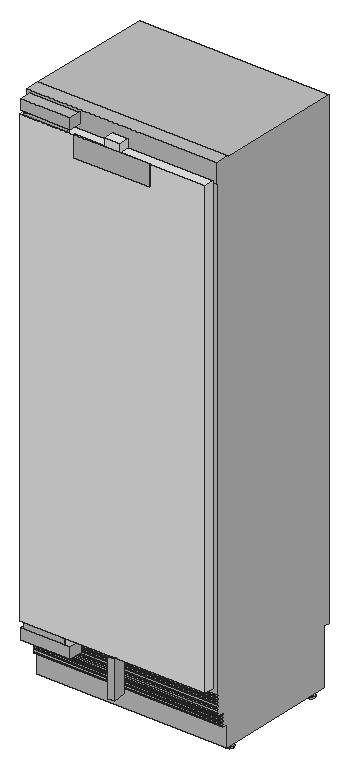
Revit family "FP_Revit_18_RS3084FLJ1_Freezer_90001071A", category Specialty Equipment, Revit 2018
Family settings
  Round Connector Dimension = Use Diameter
  Part Type = Normal
  OmniClass Number = 23.40.40.11.11
  OmniClass Title = Refrigerators and Freezers
  Work Plane-Based = No
  Always vertical = Yes
  Cut with Voids When Loaded = Yes
  Shared = No
  Room Calculation Point = No
Parameters (values of type "RS3084FLJ1")
  Visibility - Water Connection = yes
  Visibility - Visibility Control Note = yes
  Visibility - Clearance Required = yes
  URL = "www.fisherpaykel.com"
  Stainless Steel Door Panels (RD3484L4D) = no
  Product - Width = 756 mm  # constant formula
  Product - Height = 2134 mm  # constant formula
  Product - Depth (exl front panel) = 610 mm  # constant formula
  Model = "RS3084FLJ1"
  Material - Handle = Fisher & Paykel - Aluminium
  Material - Door Structure = Fisher & Paykel - White
  Material - Door Front = Fisher & Paykel - Stainless Steel
  Material - Body = Fisher & Paykel - Grey
  Manufacturer = "Fisher & Paykel Appliances"
  Handle Style - Professional Square (AHV2-RD84) = no
  Handle Style - Professional Round (AHC-RD84) = no
  Handle Style - Contemporary Square (AHD3-RD84) = no
  Handle Style - Contemporary Round (AHS-RD84) = no
  Description = "30\" Integrated Column Freezer with internal ice maker, white steel interior"
  Connector Description - Water = "1/4\" (6mm) comp. stainless steel braided hose"
  Connector Description - Electrical = "120 V, 10 amp fused electrical supply"
  Cavity - Width = 762 mm  # constant formula
  Cavity - Height = 2134 mm  # constant formula
  Cavity - Depth = 635 mm  # constant formula
Types (3, lengths in mm): name | Model | Description
  (no name) | "RS3084FLJ1" | "30\" Integrated Column Freezer with internal ice maker, white steel interior"
  RS3084FLJ1 | "RS3084FLJ1" | "30\" Integrated Column Freezer with internal ice maker, white steel interior"
  RS3084FLJK1 | "RS3084FLJK1" | "30\" Integrated Column Freezer with internal ice maker, stainless steel interior"
Reference planes
  plane 1 "Datum": y = 0
  plane 2: z = 0
  plane 3 "Center (Left/Right)": x = 0
  plane 4 "Product LHS": x = -378
  plane 5 "Product RHS": x = 378
  plane 6 "Product - Depth": y = 610
  plane 7 "Cavity LHS": x = -381
  plane 8 "Cavity RHS": x = 381
  plane 9 "Cavity - Depth": y = 612.9
  plane 10 "Handle Offset": x = 315
  plane 11 "Product Height": z = 2134
  plane 12 "Cavity Height": z = 2134
  plane 13 "Door Panel Datum": y = -4.1
Forms (mm)
  Extrusion 1, solid, material "Fisher & Paykel - Grey" <- "Material - Body", detail levels fine
    sketch origin (0, 0, 0) x (0, 1, 0) y (0, 0, 1)
      loop
        line (100.1, 19.1) -> (587.9, 19.1) -> (587.9, 239.7) -> (610, 239.7) -> (610, 2131.9) -> (105.1, 2131.9) -> (105.1, 2134) -> (49.9, 2134) -> (49.9, 2059) -> (56, 2059) -> (56, 228.6) -> (59.5, 228.6) -> (59.5, 219.7) -> (56.5, 219.7) -> (56.5, 215.9) -> (59.5, 215.9) -> (59.5, 207) -> (56.5, 207) -> (56.5, 203.2) -> (59.5, 203.2) -> (59.5, 194.3) -> (56.5, 194.3) -> (56.5, 190.5) -> (59.5, 190.5) -> (59.5, 181.6) -> (56.5, 181.6) -> (56.5, 177.8) -> (59.5, 177.8) -> (59.5, 168.9) -> (56.5, 168.9) -> (56.5, 165.1) -> (59.5, 165.1) -> (59.5, 156.2) -> (56.5, 156.2) -> (56.5, 152.4) -> (84.1, 152.4) -> (84.1, 143.5) -> (81.1, 143.5) -> (81.1, 139.7) -> (84.1, 139.7) -> (84.1, 130.8) -> (81.1, 130.8) -> (81.1, 127) -> (84.1, 127) -> (84.1, 118.1) -> (81.1, 118.1) -> (81.1, 114.3) -> (84.1, 114.3) -> (84.1, 105.4) -> (81.1, 105.4) -> (81.1, 101.6) -> (100.1, 101.6) -> (100.1, 19.1)
    from -378 to 378
  Extrusion 2, solid, material "Fisher & Paykel - Grey" <- "Material - Body"
    sketch origin (0, 0, 0) x (1, 0, 0) y (0, 1, 0)
      loop
        circle (-357.5, 547.8) r 4.1
      loop
        circle (-357.5, 141.8) r 4.1
      loop
        circle (357.5, 547.8) r 4.1
      loop
        circle (357.5, 141.8) r 4.1
    from 3 to 19.1
  Extrusion 3, solid, material "Fisher & Paykel - Grey" <- "Material - Body"
    sketch origin (0, 0, 0) x (1, 0, 0) y (0, 1, 0)
      loop
        circle (-357.5, 547.8) r 14.5
      loop
        circle (-357.5, 141.8) r 14.555
      loop
        circle (357.5, 547.8) r 14.5
      loop
        circle (357.5, 141.8) r 14.555
    from 0 to 3
  Extrusion 4, solid, material "Fisher & Paykel - Grey" <- "Material - Body", detail levels fine
    sketch origin (0, 0, 0) x (1, 0, 0) y (0, 1, 0)
      loop
        line (-7.5, 49) -> (-13.797, -4.1) -> (13.797, -4.1) -> (7.5, 49) -> (-7.5, 49)
    from 104.2 to 254.2
  Extrusion 5, solid, material "Fisher & Paykel - Grey" <- "Material - Body", detail levels fine
    sketch origin (0, 0, 0) x (0, 1, 0) y (0, 0, 1)
      loop
        line (0, 2070.6) -> (0, 1988.6) -> (2, 1988.6) -> (2, 2068.6) -> (4, 2068.6) -> (4, 2070.6) -> (0, 2070.6)
    from -150 to 150
  Extrusion 6, solid, material "Fisher & Paykel - Grey" <- "Material - Body"
    sketch origin (0, 0, 0) x (1, 0, 0) y (0, 0, 1)
      loop
        circle (303, 119.813) r 5
      loop
        circle (-303, 119.813) r 5
    from -590 to -587.9
  Extrusion 7, solid, material "Fisher & Paykel - White" <- "Material - Door Structure"
    sketch origin (0, 0, 0) x (1, 0, 0) y (0, 1, 0)
      loop
        line (-353, 56) -> (-353, 42) -> (353, 42) -> (353, 56) -> (-353, 56)
    from 269.6 to 2030.7
  Extrusion 8, solid, material "Fisher & Paykel - White" <- "Material - Door Structure"
    sketch origin (0, 0, 0) x (1, 0, 0) y (0, 1, 0)
      loop
        line (-369.4, 42) -> (-369.4, 3) -> (369.4, 3) -> (369.4, 42) -> (-369.4, 42)
    from 254.2 to 2068.6
  Extrusion 9, solid, material "Fisher & Paykel - White" <- "Material - Door Structure", detail levels fine
    sketch origin (0, 0, 0) x (1, 0, 0) y (0, 0, 1)
      loop
        line (-29.5, 2100.1) -> (-29.5, 2068.6) -> (29.5, 2068.6) -> (29.5, 2100.1) -> (-29.5, 2100.1)
    from -42 to -3
  Extrusion 10, solid, material "Fisher & Paykel - Stainless Steel" <- "Material - Door Front", visible <- "Stainless Steel Door Panels (RD3484L4D)"
    sketch origin (0, 0, 0) x (0, 1, 0) y (0, 0, 1)
      loop
        line (-22.1, 2130.8) -> (-22.1, 102) -> (-4.1, 102) -> (-4.1, 2130.8) -> (-22.1, 2130.8)
    from -378 to 378
  Extrusion 11, solid, material "Fisher & Paykel - Grey" <- "Material - Body", detail levels coarse+medium
    sketch origin (0, 0, 0) x (0, 1, 0) y (0, 0, 1)
      loop
        line (49.9, 2134) -> (49.9, 2059) -> (56, 2059) -> (56, 152.4) -> (81.1, 152.4) -> (81.1, 101.6) -> (100.1, 101.6) -> (100.1, 19.1) -> (587.9, 19.1) -> (587.9, 239.7) -> (610, 239.7) -> (610, 2134) -> (49.9, 2134)
    from -378 to 378
  Extrusion 12, solid, material "Fisher & Paykel - Grey" <- "Material - Body", detail levels fine
    sketch origin (0, 0, 0) x (-1, 0, 0) y (0, 0, -1)
      loop
        line (366.4, -187.65) -> (168.42, -187.65) -> (168.42, -229.75) -> (366.4, -229.75) -> (366.4, -187.65)
    from -56 to -2.5
  Extrusion 13, solid, material "Fisher & Paykel - Grey" <- "Material - Body", detail levels fine
    sketch origin (0, 0, 0) x (-1, 0, 0) y (0, 0, -1)
      loop
        line (366.4, -2123.15) -> (366.4, -2081.05) -> (168.42, -2081.05) -> (168.42, -2123.15) -> (366.4, -2123.15)
    from -49 to -2.5
  Extrusion 14, solid, material "Fisher & Paykel - Grey" <- "Material - Body", detail levels fine
    sketch origin (0, 0, -4) x (0, 1, 0) y (0, 0, 1)
      loop
        arc (163.888, 23.1) -> (180.4, 13.63) -> (196.912, 23.1) r 19.13
        line (196.912, 23.1) -> (163.888, 23.1)
      loop
        arc (493.888, 23.1) -> (510.4, 13.63) -> (526.912, 23.1) r 19.13
        line (526.912, 23.1) -> (493.888, 23.1)
    from 191 to 219
  Extrusion 15, solid, material "Fisher & Paykel - Grey" <- "Material - Body", detail levels fine
    sketch origin (0, 0, -4) x (0, 1, 0) y (0, 0, -1)
      loop
        line (163.888, -23.1) -> (196.912, -23.1)
        arc (196.912, -23.1) -> (180.4, -13.63) -> (163.888, -23.1) r 19.13
      loop
        line (493.888, -23.1) -> (526.912, -23.1)
        arc (526.912, -23.1) -> (510.4, -13.63) -> (493.888, -23.1) r 19.13
    from 191 to 219
  Extrusion 16, solid, material "Fisher & Paykel - Clearance Required", visible <- "Visibility - Clearance Required", detail levels coarse
    sketch origin (0, 0, 0) x (1, 0, 0) y (0, 1, 0)
      loop
        line (-381, 612.9) -> (-381, -4.1) -> (381, -4.1) -> (381, 612.9) -> (-381, 612.9)
    from 0 to 2134
  Extrusion 17, void
    sketch origin (0, 0, 0) x (1, 0, 0) y (0, 1, 0)
      loop
        line (-381, 612.9) -> (-381, -22.1) -> (381, -22.1) -> (381, 612.9) -> (-381, 612.9)
    from 0 to 2134
  Extrusion 18, solid, material "Fisher & Paykel - Grey" <- "Material - Body", detail levels fine
    sketch origin (-73, 0, 0) x (-1, 0, 0) y (0, 0, -1)
      loop
        line (118.4, -254.2) -> (282.9, -254.2) -> (282.9, -229.75) -> (118.4, -229.75) -> (118.4, -254.2)
      loop
        line (106, -2081.05) -> (242.9, -2081.05) -> (282.9, -2076.05) -> (282.9, -2068.6) -> (106, -2068.6) -> (106, -2081.05)
    from -7 to -4
  Extrusion 19, solid, material "Fisher & Paykel - Clearance Required", visible <- "Visibility - Clearance Required", detail levels coarse
    sketch origin (0, 0, 0) x (-1, 0, 0) y (0, -1, 0)
      loop
        line (301.5, 22.1) -> (378, 22.1)
        arc (378, 22.1) -> (380.992, 57.074) -> (415.915, 60.616) r 27.5
        line (415.915, 60.616) -> (697.006, 665.395) -> (723.252, 653.196)
        arc (723.252, 653.196) -> (747.815, 662.136) -> (738.875, 686.699) r 18.483
        line (738.875, 686.699) -> (712.602, 698.95) -> (734.604, 746.289)
        arc (734.604, 746.289) -> (-22.015, 691.951) -> (-378, 22.1) r 783.517
        line (-378, 22.1) -> (301.5, 22.1)
    from 0 to 2134
Lines and regions (mm)
  model lines, style "Fisher & Paykel"
    curve 1: line (-378, -4.1, 2130.8) -> (378, -4.1, 2130.8)
    curve 2: line (-378, -4.1, 102) -> (-378, -4.1, 2130.8)
    curve 3: line (378, -4.1, 102) -> (-378, -4.1, 102)
    curve 4: line (378, -4.1, 2130.8) -> (378, -4.1, 102)
Text (mm)
  text "Due to ongoing product development, product details are subject to change without notice. \nPlease always refer to www.fisherpaykel.com for the most current product information. \n© Fisher & Paykel 2020" at (41.04, -848.295, 0), in view "Ref. Level (Plan)"
Dimensions and locks
  equal spacing: plane 4 "Product LHS", plane 3 "Center (Left/Right)", plane 5 "Product RHS"
  "Product - Width": plane 4 "Product LHS" to plane 5 "Product RHS"
  "Product - Depth (exl front panel)": plane 1 "Datum" to plane 6 "Product - Depth"
  equal spacing: plane 7 "Cavity LHS", plane 3 "Center (Left/Right)", plane 8 "Cavity RHS"
  "Cavity - Width": plane 7 "Cavity LHS" to plane 8 "Cavity RHS"
  plane 4 "Product LHS" to Extrusion 2 sketch curve = 24.6 mm
  plane 4 "Product LHS" to plane 10 "Handle Offset" = 693 mm
  Extrusion 6 sketch curve to Extrusion 1 = 119.887 mm  (x2)
  Extrusion 6 sketch curve to plane 5 "Product RHS" = 75 mm
  plane 4 "Product LHS" to Extrusion 6 sketch curve = 75 mm
  Extrusion 1 sketch curve to Extrusion 1 sketch curve = 82.5 mm
  Extrusion 1 sketch curve to Extrusion 1 sketch curve = 209.5 mm
  Extrusion 1 sketch curve to Extrusion 1 sketch curve = 220.6 mm
  Extrusion 3 to level = 3 mm
  Extrusion 11 to Extrusion 8 = 235.1 mm
  Extrusion 11 to Extrusion 7 = 250.5 mm
  Extrusion 11 to Extrusion 11 = 2114.9 mm
  Extrusion 11 to Extrusion 10 = 82.9 mm
  "Product - Height": level to plane 11 "Product Height"
  plane 11 "Product Height" to Extrusion 10 = 3.2 mm
  Extrusion 8 to plane 11 "Product Height" = 65.4 mm
  Extrusion 7 to plane 11 "Product Height" = 103.3 mm
  Extrusion 11 sketch curve to plane 11 "Product Height" = 75 mm
  Extrusion 1 sketch curve to plane 11 "Product Height" = 2.1 mm
  Extrusion 1 sketch curve to plane 11 "Product Height" = 75 mm
  "Cavity - Height": plane 12 "Cavity Height" to level
  plane 1 "Datum" to Extrusion 16 = 612.9 mm
  plane 1 "Datum" to Extrusion 17 = 612.9 mm
  Extrusion 18 sketch curve to Extrusion 18 sketch curve = 40 mm
  Extrusion 18 sketch curve to Extrusion 18 sketch curve = 176.9 mm
  plane 3 "Center (Left/Right)" to Extrusion 18 sketch curve = 179 mm
  plane 3 "Center (Left/Right)" to Extrusion 18 sketch curve = 191.4 mm
  plane 3 "Center (Left/Right)" to Extrusion 18 sketch curve = 355.9 mm
  plane 3 "Center (Left/Right)" to Extrusion 13 sketch curve = 168.42 mm
  plane 3 "Center (Left/Right)" to Extrusion 12 sketch curve = 168.42 mm
  plane 1 "Datum" to Extrusion 19 = 22.1 mm
  "Cavity - Depth": plane 9 "Cavity - Depth" to Extrusion 19
  plane 10 "Handle Offset" to plane 5 "Product RHS" = 63 mm
  radius of Extrusion 6 sketch curve = 5 mm
  aligned and locked: level to plane 2
  aligned and locked: Extrusion 10 to plane 5 "Product RHS"
  aligned and locked: plane 4 "Product LHS" to Extrusion 10
  aligned and locked: Extrusion 11 to plane 5 "Product RHS"
  aligned and locked: Extrusion 11 to plane 4 "Product LHS"
  aligned and locked: Extrusion 11 sketch curve to plane 11 "Product Height"
  aligned and locked: plane 11 "Product Height" to Extrusion 1 sketch curve
  aligned and locked: Extrusion 14 sketch curve to Extrusion 14 sketch curve
  aligned and locked: Extrusion 15 sketch curve to Extrusion 15 sketch curve
  aligned and locked: Extrusion 1 to plane 5 "Product RHS"
  aligned and locked: plane 4 "Product LHS" to Extrusion 1
  aligned and locked: Extrusion 11 sketch curve to Extrusion 1  (x4)
  aligned and locked: Extrusion 2 to Extrusion 1
  aligned and locked: nested 2 to plane 10 "Handle Offset"
  aligned and locked: nested 3 to plane 10 "Handle Offset"
  aligned and locked: nested 4 to plane 10 "Handle Offset"
  aligned and locked: nested 5 to plane 10 "Handle Offset"
Automatic sketch dimensions
  Extrusion 1 sketch curve to plane 6 "Product - Depth" = 0 mm
  Extrusion 1 sketch curve to Extrusion 1 sketch curve = 22.1 mm
  Extrusion 1 sketch curve to plane 1 "Datum" = 105.1 mm
  level to Extrusion 1 sketch curve = 19.1 mm
  Extrusion 1 sketch curve to plane 1 "Datum" = 100.1 mm
  Extrusion 1 sketch curve to Extrusion 1 sketch curve = 16 mm
  Extrusion 1 sketch curve to Extrusion 1 sketch curve = 0 mm  (x8)
  Extrusion 1 sketch curve to Extrusion 1 sketch curve = 3 mm  (x10)
  Extrusion 1 sketch curve to plane 1 "Datum" = 59.5 mm
  Extrusion 1 sketch curve to plane 1 "Datum" = 56 mm
  Extrusion 1 sketch curve to plane 1 "Datum" = 49.9 mm
  Extrusion 1 sketch curve to Extrusion 1 sketch curve = 3.8 mm  (x10)
  Extrusion 1 sketch curve to Extrusion 1 sketch curve = 8.9 mm  (x9)
  Extrusion 2 sketch curve to plane 4 "Product LHS" = 20.5 mm  (x2)
  plane 5 "Product RHS" to Extrusion 2 sketch curve = 20.5 mm  (x2)
  Extrusion 2 sketch curve to plane 1 "Datum" = 141.8 mm  (x2)
  Extrusion 2 sketch curve to plane 6 "Product - Depth" = 62.2 mm  (x2)
  Extrusion 3 sketch curve to plane 4 "Product LHS" = 20.5 mm  (x2)
  plane 5 "Product RHS" to Extrusion 3 sketch curve = 20.5 mm  (x2)
  Extrusion 3 sketch curve to plane 1 "Datum" = 141.8 mm  (x2)
  Extrusion 3 sketch curve to plane 6 "Product - Depth" = 62.2 mm  (x2)
  plane 1 "Datum" to Extrusion 4 sketch curve = 4.1 mm
  Extrusion 4 sketch curve to plane 3 "Center (Left/Right)" = 13.797 mm
  Extrusion 4 sketch curve to plane 3 "Center (Left/Right)" = 7.5 mm
  plane 3 "Center (Left/Right)" to Extrusion 4 sketch curve = 7.5 mm
  plane 3 "Center (Left/Right)" to Extrusion 4 sketch curve = 13.797 mm
  Extrusion 4 sketch curve to plane 1 "Datum" = 49 mm
  Extrusion 5 sketch curve to plane 1 "Datum" = 0 mm
  Extrusion 5 sketch curve to plane 1 "Datum" = 2 mm
  Extrusion 5 sketch curve to Extrusion 5 sketch curve = 2 mm  (x2)
  plane 11 "Product Height" to Extrusion 5 sketch curve = 145.4 mm
  plane 11 "Product Height" to Extrusion 5 sketch curve = 65.4 mm
  Extrusion 7 sketch curve to plane 4 "Product LHS" = 25 mm
  plane 5 "Product RHS" to Extrusion 7 sketch curve = 25 mm
  Extrusion 7 sketch curve to plane 1 "Datum" = 42 mm
  Extrusion 7 sketch curve to Extrusion 7 sketch curve = 14 mm
  Extrusion 8 sketch curve to plane 1 "Datum" = 3 mm
  Extrusion 8 sketch curve to plane 4 "Product LHS" = 8.6 mm
  plane 5 "Product RHS" to Extrusion 8 sketch curve = 8.6 mm
  Extrusion 8 sketch curve to Extrusion 8 sketch curve = 39 mm
  Extrusion 9 sketch curve to plane 3 "Center (Left/Right)" = 29.5 mm
  plane 3 "Center (Left/Right)" to Extrusion 9 sketch curve = 29.5 mm
  plane 11 "Product Height" to Extrusion 9 sketch curve = 65.4 mm
  Extrusion 9 sketch curve to Extrusion 9 sketch curve = 31.5 mm
  plane 1 "Datum" to Extrusion 10 sketch curve = 22.1 mm
  plane 1 "Datum" to Extrusion 10 sketch curve = 4.1 mm
  level to Extrusion 10 sketch curve = 102 mm
  plane 11 "Product Height" to Extrusion 10 sketch curve = 3.2 mm
  Extrusion 11 sketch curve to plane 6 "Product - Depth" = 0 mm
  Extrusion 11 sketch curve to plane 6 "Product - Depth" = 22.1 mm
  Extrusion 11 sketch curve to plane 1 "Datum" = 100.1 mm
  Extrusion 11 sketch curve to Extrusion 11 sketch curve = 19 mm
  Extrusion 11 sketch curve to plane 1 "Datum" = 56 mm
  Extrusion 11 sketch curve to plane 1 "Datum" = 49.9 mm
  Extrusion 11 sketch curve to Extrusion 11 sketch curve = 50.8 mm
  plane 4 "Product LHS" to Extrusion 12 sketch curve = 11.6 mm
  Extrusion 12 sketch curve to level = 187.65 mm
  Extrusion 12 sketch curve to Extrusion 12 sketch curve = 42.1 mm
  plane 4 "Product LHS" to Extrusion 13 sketch curve = 11.6 mm
  Extrusion 13 sketch curve to plane 11 "Product Height" = 52.95 mm
  Extrusion 13 sketch curve to plane 11 "Product Height" = 10.85 mm
  level to Extrusion 14 sketch curve = 19.1 mm
  Extrusion 14 sketch curve to plane 1 "Datum" = 163.888 mm
  Extrusion 14 sketch curve to Extrusion 14 sketch curve = 16.512 mm  (x2)
  Extrusion 14 sketch curve to plane 6 "Product - Depth" = 116.112 mm
  Extrusion 14 sketch curve to Extrusion 14 sketch curve = 9.66 mm  (x2)
  level to Extrusion 15 sketch curve = 19.1 mm
  Extrusion 15 sketch curve to plane 1 "Datum" = 163.888 mm
  Extrusion 15 sketch curve to Extrusion 15 sketch curve = 16.512 mm  (x2)
  Extrusion 15 sketch curve to plane 6 "Product - Depth" = 116.112 mm
  Extrusion 15 sketch curve to Extrusion 15 sketch curve = 9.66 mm  (x2)
  Extrusion 16 sketch curve to plane 7 "Cavity LHS" = 0 mm
  Extrusion 16 sketch curve to plane 8 "Cavity RHS" = 0 mm
  Extrusion 16 sketch curve to plane 9 "Cavity - Depth" = 0 mm
  plane 1 "Datum" to Extrusion 16 sketch curve = 4.1 mm
  Extrusion 17 sketch curve to plane 7 "Cavity LHS" = 0 mm
  Extrusion 17 sketch curve to plane 8 "Cavity RHS" = 0 mm
  plane 9 "Cavity - Depth" to Extrusion 17 sketch curve = 0 mm
  plane 1 "Datum" to Extrusion 17 sketch curve = 22.1 mm
  Extrusion 18 sketch curve to level = 229.75 mm
  Extrusion 18 sketch curve to Extrusion 18 sketch curve = 24.45 mm
  Extrusion 18 sketch curve to plane 11 "Product Height" = 65.4 mm
  Extrusion 18 sketch curve to Extrusion 18 sketch curve = 7.45 mm
  Extrusion 18 sketch curve to Extrusion 18 sketch curve = 5 mm
  Extrusion 19 sketch curve to plane 5 "Product RHS" = 0 mm
  Extrusion 19 sketch curve to plane 1 "Datum" = 22.1 mm
  plane 4 "Product LHS" to Extrusion 19 sketch curve = 76.5 mm
  plane 4 "Product LHS" to Extrusion 19 sketch curve = 0 mm
  Extrusion 19 sketch curve to plane 7 "Cavity LHS" = 19.59 mm
  Extrusion 19 sketch curve to Extrusion 19 sketch curve = 4.816 mm
  Extrusion 19 sketch curve to Extrusion 19 sketch curve = 10.509 mm
  Extrusion 19 sketch curve to plane 7 "Cavity LHS" = 316.006 mm
  Extrusion 19 sketch curve to Extrusion 19 sketch curve = 15.596 mm
  Extrusion 19 sketch curve to Extrusion 19 sketch curve = 26.246 mm
  Extrusion 19 sketch curve to Extrusion 19 sketch curve = 7.811 mm  (x2)
  Extrusion 19 sketch curve to Extrusion 19 sketch curve = 22.003 mm
  Extrusion 19 sketch curve to Extrusion 19 sketch curve = 13.185 mm
  Extrusion 19 sketch curve to Extrusion 19 sketch curve = 2.497 mm
  Extrusion 19 sketch curve to Extrusion 19 sketch curve = 93.093 mm
  Extrusion 19 sketch curve to Extrusion 19 sketch curve = 16.751 mm
  Extrusion 19 sketch curve to Extrusion 19 sketch curve = 12.251 mm
  plane 5 "Product RHS" to curve 1 = 0 mm
  plane 4 "Product LHS" to curve 3 = 0 mm
  level to curve 3 = 102 mm
  plane 11 "Product Height" to curve 2 = 3.2 mm
  radius of Extrusion 2 sketch curve = 4.1 mm  (x3)
  radius of Extrusion 3 sketch curve = 14.5 mm  (x2)
  radius of Extrusion 3 sketch curve = 14.555 mm  (x2)
  radius of Extrusion 6 sketch curve = 5 mm
Nested families
  nested 1: "Visibility Control Note 18" at (0, 0, 0), visible <- "Visibility - Visibility Control Note", type "Visibility Control Note 18"
  nested 2: "Handle Contemporary Round - Vertical" at (315, -22.1, 1242.58), visible <- "Handle Style - Contemporary Round (AHS-RD84)", type "AHS-RD84 - Contemporary round handle (Vertical) 852mm"
  nested 3: "Handle Contemporary Square - Vertical" at (315, -22.1, 1242.58), visible <- "Handle Style - Contemporary Square (AHD3-RD84)", type "AHD3-RD84 - Contemporary square handle (Vertical) 852mm"
  nested 4: "Handle Professional Round - Vertical" at (315, -22.1, 1242.58), visible <- "Handle Style - Professional Round (AHC-RD84)", type "AHC-RD84 - Professional round handle (Vertical) 786mm"
  nested 5: "Handle Professional Square - Vertical" at (315, -22.1, 1242.58), visible <- "Handle Style - Professional Square (AHV2-RD84)", type "AHV2-RD84 - Professional square handle (Vertical) 792mm"
Connectors
  electrical at (-303, 590, 119.813), driven by "Connector Description - Electrical"
    settings: on Extrusion 6, index 1, voltage 120 V, apparent load 0 VA, apparent load phase1 0 VA, apparent load phase2 0 VA, apparent load phase3 0 VA, power factor 1, load classification "Other", number of poles 1, system type 30, power factor state 1, is connector primary yes, connector utility no, sub classification motor no, connector description "120 V, 10 amp fused electrical supply"
  piping at (303, 590, 119.813), diameter 12.7, driven by "Visibility - Water Connection", driven by "Connector Description - Water"
    settings: on Extrusion 6, index 2, connector inside diameter 609.6 mm, connector length 0 mm, flow factor 0, pipe flow 0.0 L/s, pressure drop 0.0 Pa, fitting loss kfactor 0, connector angle 0.00°, fixture units 0, engagement length 0 mm, angle of deflection 0.00°, flow configuration 0, flow direction 1, fitting loss method 0, system type 20, joint type 0, gender type 0, connector reference index -1, connector utility 1, adjustable connector no, is connector primary yes, connector description "1/4\" (6mm) comp. stainless steel braided hose"
Definition of nested family "Handle Contemporary Round - Vertical"
  Parameters (values of type "AHSRS80A - Contemporary round handle (1 of 2) (Vertical) 727mm")
    URL = "www.fisherpaykel.com"
    Material - Handle = none
    Manufacturer = "Fisher & Paykel Appliances"
    Handle - Length = 727 mm
  Types (6, lengths in mm): name | Handle - Length
    AHS-RD21 - Contemporary round handle (Vertical) 852mm | 852
    AHSRD2484W - Contemporary round handle (1 of 2) (Vertical) 727mm | 727
    AHSRD3084W - Contemporary round handle (1 of 2) (Vertical) 727mm | 727
    AHS-RD84 - Contemporary round handle (Vertical) 852mm | 852
    AHSRS3272A - Contemporary round handle (1 of 2) (Vertical) 727mm | 727
    AHSRS80A - Contemporary round handle (1 of 2) (Vertical) 727mm | 727
  Reference planes
    plane 1 "Center (Front/Back)": y = 0
    plane 2: z = 0
    plane 3 "Center (Left/Right)": x = 0
    plane 4 "Top": z = 363.5
    plane 5 "Bottom": z = -363.5
    plane 6 "Top Standoff": z = 243.5
    plane 7 "Bottom Standoff": z = -243.5
  Forms (mm)
    Extrusion 1, solid, material <- "Material - Handle"
      sketch origin (0, 0, 0) x (1, 0, 0) y (0, 1, 0)
        loop
          circle (0, -32.3) r 8.7
      from -243.5 to 243.5
    Extrusion 2, solid, material <- "Material - Handle", detail levels fine
      sketch origin (0, 0, 0) x (1, 0, 0) y (0, 1, 0)
        loop
          line (-8.7, 0) -> (-8.7, -32.3)
          arc (-8.7, -32.3) -> (0, -41) -> (8.7, -32.3) r 8.7
          line (8.7, -32.3) -> (8.7, 0) -> (-8.7, 0)
      from 243.5 to 363.5
    Extrusion 3, solid, material <- "Material - Handle", detail levels fine
      sketch origin (0, 0, 0) x (1, 0, 0) y (0, 1, 0)
        loop
          line (-8.7, 0) -> (-8.7, -32.3)
          arc (-8.7, -32.3) -> (0, -41) -> (8.7, -32.3) r 8.7
          line (8.7, -32.3) -> (8.7, 0) -> (-8.7, 0)
      from -363.5 to -243.5
    Sweep 4, void
      path in 3D
        loop
          line (8.7, 0, -363.5) -> (8.7, -32.3, -363.5)
          arc (8.7, -32.3, -363.5) -> (0, -41, -363.5) -> (-8.7, -32.3, -363.5) r 8.7
          line (-8.7, -32.3, -363.5) -> (-8.7, 0, -363.5)
      profile origin (8.7, -16.15, -363.5) x (-1, 0, 0) y (0, 0, -1)
        loop
          line (0, 0) -> (0, -1) -> (1, 0) -> (0, 0)
    Sweep 5, void
      path in 3D
        loop
          line (-8.7, 0, 363.5) -> (-8.7, -32.3, 363.5)
          arc (-8.7, -32.3, 363.5) -> (0, -41, 363.5) -> (8.7, -32.3, 363.5) r 8.7
          line (8.7, -32.3, 363.5) -> (8.7, 0, 363.5)
      profile origin (8.7, -16.15, 363.5) x (-1, 0, 0) y (0, 0, 1)
        loop
          line (0, 0) -> (0, -1) -> (1, 0) -> (0, 0)
    Extrusion 6, solid, material <- "Material - Handle", detail levels coarse+medium
      sketch origin (0, 0, 0) x (1, 0, 0) y (0, 1, 0)
        loop
          line (-8.7, 0) -> (-8.7, -32.3)
          arc (-8.7, -32.3) -> (0, -41) -> (8.7, -32.3) r 8.7
          line (8.7, -32.3) -> (8.7, 0) -> (-8.7, 0)
      from 243.5 to 363.5
    Extrusion 7, solid, material <- "Material - Handle", detail levels coarse+medium
      sketch origin (0, 0, 0) x (1, 0, 0) y (0, 1, 0)
        loop
          line (-8.7, 0) -> (-8.7, -32.3)
          arc (-8.7, -32.3) -> (0, -41) -> (8.7, -32.3) r 8.7
          line (8.7, -32.3) -> (8.7, 0) -> (-8.7, 0)
      from -363.5 to -243.5
  Cuts and joins
    Sweep 4 cuts Extrusion 3
    Sweep 5 cuts Extrusion 2
  Lines and regions (mm)
    sketch lines
      curve 1: line (8.7, 0, -363.5) -> (8.7, -32.3, -363.5)
      curve 2: arc (-8.7, -32.3, -363.5) -> (0, -41, -363.5) -> (8.7, -32.3, -363.5) r 8.7
      curve 3: line (-8.7, -32.3, -363.5) -> (-8.7, 0, -363.5)
      curve 4: line (8.7, -32.3, 363.5) -> (8.7, 0, 363.5)
      curve 5: arc (8.7, -32.3, 363.5) -> (0, -41, 363.5) -> (-8.7, -32.3, 363.5) r 8.7
      curve 6: line (-8.7, 0, 363.5) -> (-8.7, -32.3, 363.5)
  Dimensions and locks
    equal spacing: plane 4 "Top", level, plane 5 "Bottom"
    "Handle - Length": plane 4 "Top" to plane 5 "Bottom"
    locked: plane 4 "Top" to plane 6 "Top Standoff" at 120
    locked: plane 7 "Bottom Standoff" to plane 5 "Bottom" at 120
    Extrusion 2 sketch curve to Extrusion 2 sketch curve = 17.4 mm
    Extrusion 3 sketch curve to Extrusion 3 sketch curve = 17.4 mm
    Extrusion 6 sketch curve to Extrusion 6 sketch curve = 17.4 mm
    Extrusion 7 sketch curve to Extrusion 7 sketch curve = 17.4 mm
    aligned and locked: level to plane 2
    aligned and locked: plane 4 "Top" to Extrusion 2
    aligned and locked: Extrusion 3 to plane 5 "Bottom"
    aligned and locked: plane 7 "Bottom Standoff" to Extrusion 3
    aligned and locked: Extrusion 1 to plane 7 "Bottom Standoff"
    aligned and locked: plane 6 "Top Standoff" to Extrusion 1
    aligned and locked: Extrusion 2 to Extrusion 1
    aligned and locked: Extrusion 6 to Extrusion 1
    aligned and locked: plane 4 "Top" to Extrusion 6
    aligned and locked: Extrusion 7 to Extrusion 1
    aligned and locked: Extrusion 7 to plane 5 "Bottom"
  Automatic sketch dimensions
    Extrusion 1 sketch curve to plane 3 "Center (Left/Right)" = 0 mm
    plane 1 "Center (Front/Back)" to Extrusion 1 sketch curve = 32.3 mm
    plane 1 "Center (Front/Back)" to Extrusion 2 sketch curve = 0 mm
    Extrusion 2 sketch curve to plane 3 "Center (Left/Right)" = 0 mm
    Extrusion 2 sketch curve to plane 3 "Center (Left/Right)" = 8.7 mm
    plane 1 "Center (Front/Back)" to Extrusion 2 sketch curve = 32.3 mm
    plane 1 "Center (Front/Back)" to Extrusion 3 sketch curve = 0 mm
    Extrusion 3 sketch curve to plane 3 "Center (Left/Right)" = 0 mm
    Extrusion 3 sketch curve to plane 3 "Center (Left/Right)" = 8.7 mm
    plane 1 "Center (Front/Back)" to Extrusion 3 sketch curve = 32.3 mm
    Sweep 4 sketch curve to profile plane = 0 mm  (x2)
    Sweep 4 sketch curve to profile plane = 1 mm  (x2)
    Sweep 5 sketch curve to profile plane = 0 mm  (x2)
    Sweep 5 sketch curve to profile plane = 1 mm  (x2)
    Extrusion 6 sketch curve to plane 3 "Center (Left/Right)" = 0 mm
    Extrusion 6 sketch curve to plane 3 "Center (Left/Right)" = 8.7 mm
    plane 1 "Center (Front/Back)" to Extrusion 6 sketch curve = 32.3 mm
    Extrusion 6 sketch curve to Extrusion 6 sketch curve = 32.3 mm
    Extrusion 7 sketch curve to plane 3 "Center (Left/Right)" = 0 mm
    Extrusion 7 sketch curve to plane 3 "Center (Left/Right)" = 8.7 mm
    plane 1 "Center (Front/Back)" to Extrusion 7 sketch curve = 32.3 mm
    Extrusion 7 sketch curve to Extrusion 7 sketch curve = 32.3 mm
    radius of Extrusion 1 sketch curve = 8.7 mm
Definition of nested family "Handle Contemporary Square - Vertical"
  Parameters (values of type "AHD3RS80A - Contemporary square handle (1 of 2) (Vertical) 727mm")
    URL = "www.fisherpaykel.com"
    Material - Handle = none
    Manufacturer = "Fisher & Paykel Appliances"
    Handle - Length = 727 mm
  Types (7, lengths in mm): name | Handle - Length
    (no name) | 727
    AHD3-RD21 - Contemporary square handle (Vertical) 852mm | 852
    AHD3RD2484W - Contemporary square handle (1 of 2) (Vertical) 727mm | 727
    AHD3RD3084W - Contemporary square handle (1 of 2) (Vertical) 727mm | 727
    AHD3-RD84 - Contemporary square handle (Vertical) 852mm | 852
    AHD3RS3272A - Contemporary square handle (1 of 2) (Vertical) 727mm | 727
    AHD3RS80A - Contemporary square handle (1 of 2) (Vertical) 727mm | 727
  Reference planes
    plane 1 "Center (Front/Back)": y = 0
    plane 2: z = 0
    plane 3 "Center (Left/Right)": x = 0
    plane 4 "Top": z = 363.5
    plane 5 "Bottom": z = -363.5
    plane 6 "Top Standoff": z = 243.5
    plane 7 "Bottom Standoff": z = -243.5
  Forms (mm)
    Extrusion 1, solid, material <- "Material - Handle", detail levels fine
      sketch origin (0, 0, 0) x (1, 0, 0) y (0, 1, 0)
        loop
          arc (-7.583, -28.701) -> (-7.89, -29.057) -> (-8, -29.514) r 1
          line (-8, -29.514) -> (-8, -40.5)
          arc (-8, -40.5) -> (-7.561, -41.561) -> (-6.5, -42) r 1.5
          line (-6.5, -42) -> (6.5, -42)
          arc (6.5, -42) -> (7.561, -41.561) -> (8, -40.5) r 1.5
          line (8, -40.5) -> (8, -29.487)
          arc (8, -29.487) -> (7.889, -29.029) -> (7.58, -28.673) r 1
          arc (7.58, -28.673) -> (-0.006, -26.256) -> (-7.583, -28.701) r 13.038
      from -363.5 to 363.5
    Extrusion 2, solid, material <- "Material - Handle", detail levels fine
      sketch origin (0, 0, 0) x (1, 0, 0) y (0, 1, 0)
        loop
          arc (7.058, -28.23) -> (7.466, -28.244) -> (7.674, -27.893) r 0.4
          line (7.674, -27.893) -> (7.674, 0) -> (-7.674, 0) -> (-7.674, -27.86)
          arc (-7.674, -27.86) -> (-7.467, -28.21) -> (-7.06, -28.198) r 0.4
          arc (-7.06, -28.198) -> (0.004, -26.156) -> (7.058, -28.23) r 13.136
      from 243.5 to 363.5
    Extrusion 3, solid, material <- "Material - Handle", detail levels fine
      sketch origin (0, 0, 0) x (1, 0, 0) y (0, 1, 0)
        loop
          arc (7.058, -28.23) -> (7.466, -28.244) -> (7.674, -27.893) r 0.4
          line (7.674, -27.893) -> (7.674, 0) -> (-7.674, 0) -> (-7.674, -27.86)
          arc (-7.674, -27.86) -> (-7.467, -28.21) -> (-7.06, -28.198) r 0.4
          arc (-7.06, -28.198) -> (0.004, -26.156) -> (7.058, -28.23) r 13.136
      from -363.5 to -243.5
    Sweep 4, void
      path in 3D
        loop
          line (-8, -29.514, 363.5) -> (-8, -40.5, 363.5)
          arc (-8, -40.5, 363.5) -> (-7.561, -41.561, 363.5) -> (-6.5, -42, 363.5) r 1.5
          line (-6.5, -42, 363.5) -> (6.5, -42, 363.5)
          arc (6.5, -42, 363.5) -> (7.561, -41.561, 363.5) -> (8, -40.5, 363.5) r 1.5
          line (8, -40.5, 363.5) -> (8, -29.487, 363.5)
      profile origin (8, -34.994, 363.5) x (-1, 0, 0) y (0, 0, 1)
        loop
          line (0, 0) -> (0, -1.3) -> (1.3, 0) -> (0, 0)
    Sweep 5, void
      path in 3D
        loop
          line (8, -29.487, -363.5) -> (8, -40.5, -363.5)
          arc (8, -40.5, -363.5) -> (7.561, -41.561, -363.5) -> (6.5, -42, -363.5) r 1.5
          line (6.5, -42, -363.5) -> (-6.5, -42, -363.5)
          arc (-6.5, -42, -363.5) -> (-7.561, -41.561, -363.5) -> (-8, -40.5, -363.5) r 1.5
          line (-8, -40.5, -363.5) -> (-8, -29.514, -363.5)
      profile origin (8, -34.994, -363.5) x (-1, 0, 0) y (0, 0, -1)
        loop
          line (0, 0) -> (0, -1.3) -> (1.3, 0) -> (0, 0)
    Extrusion 6, void
      sketch origin (0, 0, 0) x (1, 0, 0) y (0, 0, 1)
        loop
          line (-8, -362.2) -> (-8, -363.5) -> (-6.7, -363.5) -> (-8, -362.2)
        loop
          line (8, -362.2) -> (6.7, -363.5) -> (8, -363.5) -> (8, -362.2)
      from 0 to 40
    Extrusion 7, void
      sketch origin (0, 0, 0) x (1, 0, 0) y (0, 0, 1)
        loop
          line (-8, 363.5) -> (-8, 362.2) -> (-6.7, 363.5) -> (-8, 363.5)
        loop
          line (8, 363.5) -> (6.7, 363.5) -> (8, 362.2) -> (8, 363.5)
      from 0 to 40
    Extrusion 8, solid, material <- "Material - Handle", detail levels coarse+medium
      sketch origin (0, 0, 0) x (0, 1, 0) y (0, 0, 1)
        loop
          line (0, 363.5) -> (-42, 363.5) -> (-42, -363.5) -> (0, -363.5) -> (0, -243.5) -> (-26.245, -243.5) -> (-26.245, 243.5) -> (0, 243.5) -> (0, 363.5)
      from -8 to 8
  Cuts and joins
    Sweep 4, Sweep 5, Extrusion 6, Extrusion 7 cuts Extrusion 1
    Extrusion 6 cuts Extrusion 3
    Extrusion 7 cuts Extrusion 2
  Lines and regions (mm)
    sketch lines
      curve 1: line (8, -40.5, 363.5) -> (8, -29.487, 363.5)
      curve 2: arc (8, -40.5, 363.5) -> (7.561, -41.561, 363.5) -> (6.5, -42, 363.5) r 1.5
      curve 3: line (-6.5, -42, 363.5) -> (6.5, -42, 363.5)
      curve 4: arc (-6.5, -42, 363.5) -> (-7.561, -41.561, 363.5) -> (-8, -40.5, 363.5) r 1.5
      curve 5: line (-8, -29.514, 363.5) -> (-8, -40.5, 363.5)
      curve 6: line (8, -29.487, -363.5) -> (8, -40.5, -363.5)
      curve 7: arc (6.5, -42, -363.5) -> (7.561, -41.561, -363.5) -> (8, -40.5, -363.5) r 1.5
      curve 8: line (6.5, -42, -363.5) -> (-6.5, -42, -363.5)
      curve 9: arc (-8, -40.5, -363.5) -> (-7.561, -41.561, -363.5) -> (-6.5, -42, -363.5) r 1.5
      curve 10: line (-8, -40.5, -363.5) -> (-8, -29.514, -363.5)
  Dimensions and locks
    equal spacing: plane 4 "Top", level, plane 5 "Bottom"
    "Handle - Length": plane 4 "Top" to plane 5 "Bottom"
    locked: plane 4 "Top" to plane 6 "Top Standoff" at 120
    locked: plane 7 "Bottom Standoff" to plane 5 "Bottom" at 120
    aligned and locked: level to plane 2
    aligned and locked: plane 4 "Top" to Extrusion 2
    aligned and locked: Extrusion 2 to plane 6 "Top Standoff"
    aligned and locked: plane 4 "Top" to Extrusion 1
    aligned and locked: Extrusion 1 to plane 5 "Bottom"
    aligned and locked: Extrusion 3 to plane 5 "Bottom"
    aligned and locked: plane 7 "Bottom Standoff" to Extrusion 3
    aligned and locked: plane 4 "Top" to Extrusion 8 sketch curve
    aligned and locked: plane 6 "Top Standoff" to Extrusion 8 sketch curve
    aligned and locked: plane 7 "Bottom Standoff" to Extrusion 8 sketch curve
    aligned and locked: plane 5 "Bottom" to Extrusion 8 sketch curve
    aligned and locked: plane 1 "Center (Front/Back)" to Extrusion 8 sketch curve  (x2)
  Automatic sketch dimensions
    Extrusion 1 sketch curve to plane 3 "Center (Left/Right)" = 8 mm
    Extrusion 1 sketch curve to Extrusion 1 sketch curve = 1 mm  (x2)
    Extrusion 1 sketch curve to Extrusion 1 sketch curve = 1.5 mm
    plane 3 "Center (Left/Right)" to Extrusion 1 sketch curve = 0.018 mm
    plane 3 "Center (Left/Right)" to Extrusion 1 sketch curve = 6.5 mm
    plane 3 "Center (Left/Right)" to Extrusion 1 sketch curve = 7 mm
    plane 1 "Center (Front/Back)" to Extrusion 1 sketch curve = 42 mm
    Extrusion 1 sketch curve to Extrusion 1 sketch curve = 1.206 mm
    Extrusion 1 sketch curve to Extrusion 1 sketch curve = 10.986 mm
    Extrusion 1 sketch curve to Extrusion 1 sketch curve = 11.013 mm
    Extrusion 1 sketch curve to Extrusion 1 sketch curve = 0 mm
    plane 1 "Center (Front/Back)" to Extrusion 2 sketch curve = 0 mm
    Extrusion 2 sketch curve to plane 3 "Center (Left/Right)" = 7.674 mm
    Extrusion 2 sketch curve to Extrusion 2 sketch curve = 0.4 mm  (x2)
    Extrusion 2 sketch curve to plane 3 "Center (Left/Right)" = 0.026 mm
    plane 3 "Center (Left/Right)" to Extrusion 2 sketch curve = 7.274 mm
    plane 1 "Center (Front/Back)" to Extrusion 2 sketch curve = 27.86 mm
    Extrusion 2 sketch curve to Extrusion 2 sketch curve = 0.033 mm
    Extrusion 2 sketch curve to Extrusion 2 sketch curve = 11.398 mm
    Extrusion 2 sketch curve to Extrusion 2 sketch curve = 0 mm
    plane 1 "Center (Front/Back)" to Extrusion 3 sketch curve = 0 mm
    Extrusion 3 sketch curve to Extrusion 3 sketch curve = 0.4 mm  (x2)
    Extrusion 3 sketch curve to Extrusion 3 sketch curve = 7.248 mm
    Extrusion 3 sketch curve to Extrusion 3 sketch curve = 7.3 mm
    plane 1 "Center (Front/Back)" to Extrusion 3 sketch curve = 27.86 mm
    Extrusion 3 sketch curve to Extrusion 3 sketch curve = 0.033 mm
    Extrusion 3 sketch curve to Extrusion 3 sketch curve = 11.398 mm
    Extrusion 3 sketch curve to Extrusion 3 sketch curve = 0 mm
    Sweep 4 sketch curve to profile plane = 0 mm  (x2)
    Sweep 4 sketch curve to profile plane = 1.3 mm  (x2)
    Sweep 5 sketch curve to profile plane = 0 mm  (x2)
    Sweep 5 sketch curve to profile plane = 1.3 mm  (x2)
    Extrusion 6 sketch curve to plane 5 "Bottom" = 0 mm  (x2)
    plane 5 "Bottom" to Extrusion 6 sketch curve = 1.3 mm  (x2)
    Extrusion 6 sketch curve to plane 3 "Center (Left/Right)" = 8 mm
    Extrusion 6 sketch curve to Extrusion 6 sketch curve = 1.3 mm  (x2)
    plane 3 "Center (Left/Right)" to Extrusion 6 sketch curve = 8 mm
    Extrusion 7 sketch curve to plane 4 "Top" = 0 mm  (x2)
    Extrusion 7 sketch curve to plane 3 "Center (Left/Right)" = 8 mm
    Extrusion 7 sketch curve to Extrusion 7 sketch curve = 1.3 mm  (x2)
    plane 3 "Center (Left/Right)" to Extrusion 7 sketch curve = 8 mm
    Extrusion 7 sketch curve to plane 4 "Top" = 1.3 mm  (x2)
    plane 1 "Center (Front/Back)" to Extrusion 8 sketch curve = 26.245 mm
    plane 1 "Center (Front/Back)" to Extrusion 8 sketch curve = 42 mm
    Extrusion 3 sketch curve to plane 3 "Center (Left/Right)" = 7.674 mm
Definition of nested family "Handle Professional Round - Vertical"
  Parameters (values of type "AHCRD2484W - Professional round handle (1 of 2) (Vertical) 661mm")
    URL = "www.fisherpaykel.com"
    Material - Standoff = none
    Material - Handle = none
    Manufacturer = "Fisher & Paykel Appliances"
    Handle - Length = 661 mm
  Types (5, lengths in mm): name | Handle - Length
    (no name) | 661
    AHCRD2484W - Professional round handle (1 of 2) (Vertical) 661mm | 661
    AHCRD3084W - Professional round handle (1 of 2) (Vertical) 661mm | 661
    AHC-RD84 - Professional round handle (Vertical) 786mm | 786
    AHCRS3272A - Professional round handle (1 of 2) (Vertical) 661mm | 661
  Reference planes
    plane 1 "Center (Front/Back)": y = 0
    plane 2: z = 0
    plane 3 "Center (Left/Right)": x = 0
    plane 4 "Top": z = 330.5
    plane 5 "Bottom": z = -330.5
    plane 6 "Top Standoff": z = 286.5
    plane 7 "Bottom Standoff": z = -286.5
  Forms (mm)
    Extrusion 1, solid, material <- "Material - Standoff", detail levels fine
      sketch origin (0, 0, 0) x (1, 0, 0) y (0, 1, 0)
        loop
          line (-18.5, 0) -> (-18.5, -39.4)
          arc (-18.5, -39.4) -> (0, -57.9) -> (18.5, -39.4) r 18.5
          line (18.5, -39.4) -> (18.5, 0) -> (-18.5, 0)
      from 286.5 to 330.5
    Extrusion 2, solid, material <- "Material - Standoff", detail levels fine
      sketch origin (0, 0, 0) x (1, 0, 0) y (0, 1, 0)
        loop
          line (-18.5, 0) -> (-18.5, -39.4)
          arc (-18.5, -39.4) -> (0, -57.9) -> (18.5, -39.4) r 18.5
          line (18.5, -39.4) -> (18.5, 0) -> (-18.5, 0)
      from -330.5 to -286.5
    Extrusion 3, solid, material <- "Material - Handle"
      sketch origin (0, 0, 0) x (1, 0, 0) y (0, 1, 0)
        loop
          circle (0, -39.4) r 12.7
      from -286.5 to 286.5
    Sweep 4, void
      path in 3D
        loop
          line (-18.5, 0, 330.5) -> (-18.5, -39.4, 330.5)
          arc (-18.5, -39.4, 330.5) -> (0, -57.9, 330.5) -> (18.5, -39.4, 330.5) r 18.5
          line (18.5, -39.4, 330.5) -> (18.5, 0, 330.5)
      profile origin (18.5, -19.7, 330.5) x (-1, 0, 0) y (0, 0, 1)
        loop
          line (0, 0) -> (0, -3) -> (3, 0) -> (0, 0)
    Sweep 5, void
      path in 3D
        loop
          line (18.5, 0, -330.5) -> (18.5, -39.4, -330.5)
          arc (18.5, -39.4, -330.5) -> (0, -57.9, -330.5) -> (-18.5, -39.4, -330.5) r 18.5
          line (-18.5, -39.4, -330.5) -> (-18.5, 0, -330.5)
      profile origin (18.5, -19.7, -330.5) x (-1, 0, 0) y (0, 0, -1)
        loop
          line (0, 0) -> (0, -3) -> (3, 0) -> (0, 0)
    Extrusion 6, solid, material <- "Material - Standoff", detail levels coarse+medium
      sketch origin (0, 0, 0) x (1, 0, 0) y (0, 1, 0)
        loop
          line (-18.5, 0) -> (-18.5, -39.4)
          arc (-18.5, -39.4) -> (0, -57.9) -> (18.5, -39.4) r 18.5
          line (18.5, -39.4) -> (18.5, 0) -> (-18.5, 0)
      from 286.5 to 330.5
    Extrusion 7, solid, material <- "Material - Standoff", detail levels coarse+medium
      sketch origin (0, 0, 0) x (1, 0, 0) y (0, 1, 0)
        loop
          line (-18.5, 0) -> (-18.5, -39.4)
          arc (-18.5, -39.4) -> (0, -57.9) -> (18.5, -39.4) r 18.5
          line (18.5, -39.4) -> (18.5, 0) -> (-18.5, 0)
      from -330.5 to -286.5
  Cuts and joins
    Sweep 4 cuts Extrusion 1
    Sweep 5 cuts Extrusion 2
  Lines and regions (mm)
    sketch lines
      curve 1: line (18.5, -39.4, 330.5) -> (18.5, 0, 330.5)
      curve 2: arc (18.5, -39.4, 330.5) -> (0, -57.9, 330.5) -> (-18.5, -39.4, 330.5) r 18.5
      curve 3: line (-18.5, 0, 330.5) -> (-18.5, -39.4, 330.5)
      curve 4: line (18.5, 0, -330.5) -> (18.5, -39.4, -330.5)
      curve 5: arc (-18.5, -39.4, -330.5) -> (0, -57.9, -330.5) -> (18.5, -39.4, -330.5) r 18.5
      curve 6: line (-18.5, -39.4, -330.5) -> (-18.5, 0, -330.5)
  Dimensions and locks
    equal spacing: plane 4 "Top", level, plane 5 "Bottom"
    "Handle - Length": plane 4 "Top" to plane 5 "Bottom"
    plane 4 "Top" to plane 6 "Top Standoff" = 44 mm
    plane 7 "Bottom Standoff" to plane 5 "Bottom" = 44 mm
    aligned and locked: level to plane 2
    aligned and locked: plane 4 "Top" to Extrusion 1
    aligned and locked: Extrusion 1 to plane 6 "Top Standoff"
    aligned and locked: Extrusion 2 to plane 5 "Bottom"
    aligned and locked: plane 7 "Bottom Standoff" to Extrusion 2
    aligned and locked: plane 6 "Top Standoff" to Extrusion 3
    aligned and locked: Extrusion 3 to plane 7 "Bottom Standoff"
    aligned and locked: plane 4 "Top" to Extrusion 6
    aligned and locked: Extrusion 7 to plane 5 "Bottom"
    aligned and locked: plane 7 "Bottom Standoff" to Extrusion 7
    aligned and locked: Extrusion 6 to plane 6 "Top Standoff"
  Automatic sketch dimensions
    plane 1 "Center (Front/Back)" to Extrusion 1 sketch curve = 0 mm
    Extrusion 1 sketch curve to plane 3 "Center (Left/Right)" = 0 mm
    Extrusion 1 sketch curve to plane 3 "Center (Left/Right)" = 18.5 mm
    plane 1 "Center (Front/Back)" to Extrusion 1 sketch curve = 39.4 mm
    plane 1 "Center (Front/Back)" to Extrusion 2 sketch curve = 0 mm
    Extrusion 2 sketch curve to plane 3 "Center (Left/Right)" = 0 mm
    Extrusion 2 sketch curve to plane 3 "Center (Left/Right)" = 18.5 mm
    plane 1 "Center (Front/Back)" to Extrusion 2 sketch curve = 39.4 mm
    Extrusion 3 sketch curve to plane 3 "Center (Left/Right)" = 0 mm
    plane 1 "Center (Front/Back)" to Extrusion 3 sketch curve = 39.4 mm
    Sweep 4 sketch curve to profile plane = 0 mm  (x2)
    Sweep 4 sketch curve to profile plane = 3 mm  (x2)
    Sweep 5 sketch curve to profile plane = 0 mm  (x2)
    Sweep 5 sketch curve to profile plane = 3 mm  (x2)
    Extrusion 6 sketch curve to plane 3 "Center (Left/Right)" = 0 mm
    Extrusion 6 sketch curve to plane 3 "Center (Left/Right)" = 18.5 mm
    plane 1 "Center (Front/Back)" to Extrusion 6 sketch curve = 39.4 mm
    Extrusion 6 sketch curve to Extrusion 6 sketch curve = 39.4 mm
    Extrusion 7 sketch curve to plane 3 "Center (Left/Right)" = 0 mm
    Extrusion 7 sketch curve to plane 3 "Center (Left/Right)" = 18.5 mm
    plane 1 "Center (Front/Back)" to Extrusion 7 sketch curve = 39.4 mm
    Extrusion 7 sketch curve to Extrusion 7 sketch curve = 39.4 mm
    radius of Extrusion 3 sketch curve = 12.7 mm
Definition of nested family "Handle Professional Square - Vertical"
  Parameters (values of type "AHV2RS3272A - Professional square handle (1 of 2) (Vertical) 727mm")
    URL = "www.fisherpaykel.com"
    Material - Handle = none
    Manufacturer = "Fisher & Paykel Appliances"
    Handle - Length = 727 mm
  Types (5, lengths in mm): name | Handle - Length
    (no name) | 727
    AHV2RD2484W - Professional square handle (1 of 2) (Vertical) 727mm | 727
    AHV2RD3084W - Professional square handle (1 of 2) (Vertical) 727mm | 727
    AHV2-RD84 - Professional square handle (Vertical) 792mm | 792
    AHV2RS3272A - Professional square handle (1 of 2) (Vertical) 727mm | 727
  Reference planes
    plane 1 "Center (Front/Back)": y = 0
    plane 2: z = 0
    plane 3 "Center (Left/Right)": x = 0
    plane 4 "Top": z = 363.5
    plane 5 "Bottom": z = -363.5
    plane 6 "Top Standoff": z = 313.5
    plane 7 "Bottom Standoff": z = -313.5
  Forms (mm)
    Extrusion 1, solid, material <- "Material - Handle", detail levels fine
      sketch origin (0, 0, 0) x (0, 1, 0) y (0, 0, 1)
        loop
          line (0, 363.5) -> (-40, 363.5)
          arc (-40, 363.5) -> (-47.071, 360.571) -> (-50, 353.5) r 10
          line (-50, 353.5) -> (-50, 313.5) -> (0, 313.5) -> (0, 363.5)
        loop
          line (0, -363.5) -> (0, -313.5) -> (-50, -313.5) -> (-50, -353.5)
          arc (-50, -353.5) -> (-47.071, -360.571) -> (-40, -363.5) r 10
          line (-40, -363.5) -> (0, -363.5)
      from -17.5 to 17.5
    Sweep 2, void
      path in 3D
        loop
          line (17.5, 0, 363.5) -> (17.5, -40, 363.5)
          arc (17.5, -40, 363.5) -> (17.5, -47.071, 360.571) -> (17.5, -50, 353.5) r 10
          line (17.5, -50, 353.5) -> (17.5, -50, 313.5)
      profile origin (17.5, -20, 363.5) x (1, 0, 0) y (0, 0, 1)
        loop
          line (0, 0) -> (-2.5, 0) -> (0, -2.5) -> (0, 0)
    Sweep 3, void
      path in 3D
        loop
          line (-17.5, -50, 313.5) -> (-17.5, -50, 353.5)
          arc (-17.5, -50, 353.5) -> (-17.5, -47.071, 360.571) -> (-17.5, -40, 363.5) r 10
          line (-17.5, -40, 363.5) -> (-17.5, 0, 363.5)
      profile origin (-17.5, -20, 363.5) x (-1, 0, 0) y (0, 0, 1)
        loop
          line (0, 0) -> (-2.5, 0) -> (0, -2.5) -> (0, 0)
    Sweep 4, void
      path in 3D
        loop
          line (17.5, -50, -313.5) -> (17.5, -50, -353.5)
          arc (17.5, -50, -353.5) -> (17.5, -47.071, -360.571) -> (17.5, -40, -363.5) r 10
          line (17.5, -40, -363.5) -> (17.5, 0, -363.5)
      profile origin (17.5, -20, -363.5) x (1, 0, 0) y (0, 0, -1)
        loop
          line (0, 0) -> (-2.5, 0) -> (0, -2.5) -> (0, 0)
    Sweep 5, void
      path in 3D
        loop
          line (-17.5, 0, -363.5) -> (-17.5, -40, -363.5)
          arc (-17.5, -40, -363.5) -> (-17.5, -47.071, -360.571) -> (-17.5, -50, -353.5) r 10
          line (-17.5, -50, -353.5) -> (-17.5, -50, -313.5)
      profile origin (-17.5, -20, -363.5) x (-1, 0, 0) y (0, 0, -1)
        loop
          line (0, 0) -> (-2.5, 0) -> (0, -2.5) -> (0, 0)
    Extrusion 6, solid, material <- "Material - Handle", detail levels fine
      sketch origin (0, 0, 0) x (1, 0, 0) y (0, 1, 0)
        loop
          line (-15.5, -36.737) -> (-15.5, -46.422) -> (-14.172, -47.75) -> (14.172, -47.75) -> (15.5, -46.422) -> (15.5, -36.737)
          arc (15.5, -36.737) -> (0, -32.25) -> (-15.5, -36.737) r 29.013
      from -313.5 to 313.5
    Extrusion 7, solid, material <- "Material - Handle", detail levels coarse+medium
      sketch origin (0, 0, 0) x (0, 1, 0) y (0, 0, 1)
        loop
          line (0, 363.5) -> (-40, 363.5)
          arc (-40, 363.5) -> (-47.071, 360.571) -> (-50, 353.5) r 10
          line (-50, 353.5) -> (-50, -353.5)
          arc (-50, -353.5) -> (-47.071, -360.571) -> (-40, -363.5) r 10
          line (-40, -363.5) -> (0, -363.5) -> (0, -313.5) -> (-31.95, -313.5) -> (-31.95, 313.5) -> (0, 313.5) -> (0, 363.5)
      from -17.5 to 17.5
  Cuts and joins
    Sweep 2, Sweep 3, Sweep 4, Sweep 5 cuts Extrusion 1
  Lines and regions (mm)
    sketch lines
      curve 1: line (17.5, 0, 363.5) -> (17.5, -40, 363.5)
      curve 2: arc (17.5, -50, 353.5) -> (17.5, -47.071, 360.571) -> (17.5, -40, 363.5) r 10
      curve 3: line (17.5, -50, 353.5) -> (17.5, -50, 313.5)
      curve 4: line (-17.5, -40, 363.5) -> (-17.5, 0, 363.5)
      curve 5: arc (-17.5, -40, 363.5) -> (-17.5, -47.071, 360.571) -> (-17.5, -50, 353.5) r 10
      curve 6: line (-17.5, -50, 313.5) -> (-17.5, -50, 353.5)
      curve 7: line (17.5, -40, -363.5) -> (17.5, 0, -363.5)
      curve 8: arc (17.5, -40, -363.5) -> (17.5, -47.071, -360.571) -> (17.5, -50, -353.5) r 10
      curve 9: line (17.5, -50, -313.5) -> (17.5, -50, -353.5)
      curve 10: line (-17.5, 0, -363.5) -> (-17.5, -40, -363.5)
      curve 11: arc (-17.5, -50, -353.5) -> (-17.5, -47.071, -360.571) -> (-17.5, -40, -363.5) r 10
      curve 12: line (-17.5, -50, -353.5) -> (-17.5, -50, -313.5)
  Dimensions and locks
    equal spacing: plane 4 "Top", level, plane 5 "Bottom"
    "Handle - Length": plane 4 "Top" to plane 5 "Bottom"
    plane 7 "Bottom Standoff" to plane 5 "Bottom" = 50 mm
    plane 4 "Top" to plane 6 "Top Standoff" = 50 mm
    aligned and locked: level to plane 2
    aligned and locked: plane 4 "Top" to Extrusion 1 sketch curve
    aligned and locked: plane 5 "Bottom" to Extrusion 1 sketch curve
    aligned and locked: Extrusion 1 sketch curve to plane 1 "Center (Front/Back)"
    aligned and locked: plane 1 "Center (Front/Back)" to Extrusion 1 sketch curve
    aligned and locked: plane 6 "Top Standoff" to Extrusion 1 sketch curve
    aligned and locked: plane 7 "Bottom Standoff" to Extrusion 1 sketch curve
    aligned and locked: plane 6 "Top Standoff" to Extrusion 6
    aligned and locked: Extrusion 6 to plane 7 "Bottom Standoff"
    aligned and locked: plane 4 "Top" to Extrusion 7 sketch curve
    aligned and locked: plane 6 "Top Standoff" to Extrusion 7 sketch curve
    aligned and locked: plane 1 "Center (Front/Back)" to Extrusion 7 sketch curve
    aligned and locked: plane 7 "Bottom Standoff" to Extrusion 7 sketch curve
    aligned and locked: plane 5 "Bottom" to Extrusion 7 sketch curve
    aligned and locked: Extrusion 7 sketch curve to plane 1 "Center (Front/Back)"
  Automatic sketch dimensions
    Sweep 2 sketch curve to profile plane = 0 mm
    profile plane to Sweep 2 sketch curve = 0 mm
    profile plane to Sweep 2 sketch curve = 2.5 mm
    Sweep 2 sketch curve to profile plane = 2.5 mm
    Sweep 3 sketch curve to profile plane = 0 mm  (x2)
    profile plane to Sweep 3 sketch curve = 2.5 mm
    Sweep 3 sketch curve to profile plane = 2.5 mm
    Sweep 4 sketch curve to profile plane = 0 mm
    profile plane to Sweep 4 sketch curve = 0 mm
    profile plane to Sweep 4 sketch curve = 2.5 mm
    Sweep 4 sketch curve to profile plane = 2.5 mm
    Sweep 5 sketch curve to profile plane = 0 mm  (x2)
    profile plane to Sweep 5 sketch curve = 2.5 mm
    Sweep 5 sketch curve to profile plane = 2.5 mm
    plane 1 "Center (Front/Back)" to Extrusion 1 sketch curve = 40 mm  (x2)
    Extrusion 1 sketch curve to Extrusion 1 sketch curve = 10 mm  (x2)
    Extrusion 6 sketch curve to plane 3 "Center (Left/Right)" = 0 mm
    Extrusion 6 sketch curve to Extrusion 6 sketch curve = 1.328 mm  (x4)
    plane 1 "Center (Front/Back)" to Extrusion 6 sketch curve = 61.263 mm
    Extrusion 6 sketch curve to Extrusion 6 sketch curve = 13.513 mm
    Extrusion 6 sketch curve to Extrusion 6 sketch curve = 9.684 mm  (x2)
    Extrusion 6 sketch curve to plane 3 "Center (Left/Right)" = 14.172 mm
    plane 1 "Center (Front/Back)" to Extrusion 7 sketch curve = 31.95 mm
    plane 1 "Center (Front/Back)" to Extrusion 7 sketch curve = 40 mm  (x2)
    Extrusion 7 sketch curve to plane 4 "Top" = 10 mm
Definition of nested family "Visibility Control Note 18"
  Types (3): name
    New
    Resolved
    Active
  Reference planes
    plane 1: y = 0
    plane 2: x = 0
  Text (mm)
    text "Edit Type: \nTo control handle kit \nand door panel visibility\n options\n\nDelete unwanted kits \nto reduce file size" at (-0.165, 35.556, 0)
